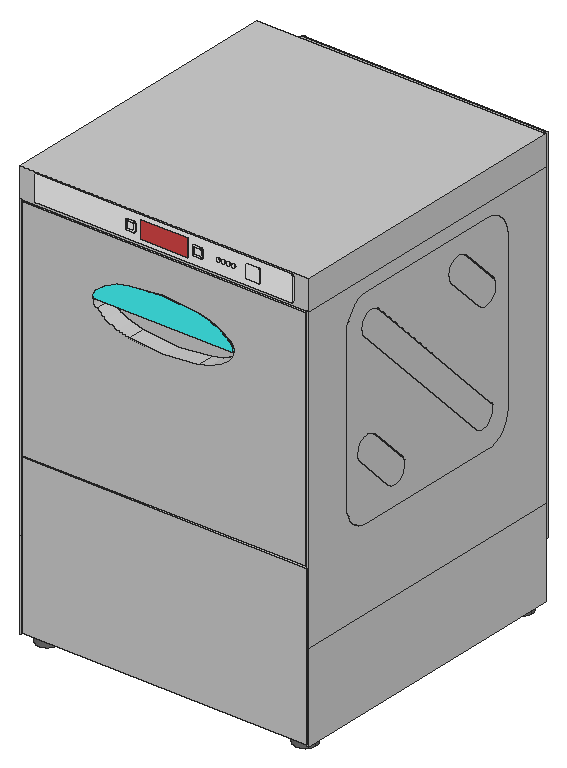
Revit family "QF_COMENDA_CE46", category Attrezzature speciali, Revit 2019
Family settings
  Quota connettore circolare = Usa diametro
  Tipo di parte = Normale
  Numero OmniClass = 23.40.40.14
  Titolo OmniClass = Food Service Equipment
  Basato su piano di lavoro = No
  Sempre verticale = Sì
  Taglio con vuoti quando caricato = No
  Condiviso = No
  Punto di calcolo locali = No
Parameters (values of type "H56402")
  URL catalogo = "https://www.hoonved.com/site/assets/files/1115/39210_ce_ita_eng_low_09-2019.pdf"
  URL = "https://www.hoonved.com/"
  Tensione = 230 V
  Temperatura raccomandata per acqua fredda = 15 °C
  Show Logo [instance] = yes
  Show Clearance [instance] = yes
  Protezione contro le sovracorrenti = 16 A
  Profondità = 521 mm
  Potenza elettrica = 3060 W
  Pessione minima acqua fredda = 20000.0 Pa
  Peso netto = 37.00 kg
  Numero dei poli = 1
  Modello = "CE46D"
  Produttore = "HOONVED"
  Lunghezza = 460 mm
  Frequenza = 50 Hz
  Fase = 1
  Diametro dello scarico diretto di acqua = 1 3/8"
  Diametro condotta acqua fredda = 3/4"
  Descrizione = "SINGLE-PHASE GLASSWASHER WITH WATER SOFTENER"
  Corrente di funzionamento normale = 13.4 A
  Assembly Code = ""
  Altezza dello scarico diretto acqua da pavimento finito = 36 mm
  Altezza allacciamento elettrico da pavimento finito = 47 mm
  Altezza allacciamento acqua fredda da pavimento finito = 36 mm
  Altezza = 673 mm
Types (2, lengths in mm): name | Modello | Descrizione
  H56400 | "CE46" | "SINGLE-PHASE GLASSWASHER"
  H56402 | "CE46D" | "SINGLE-PHASE GLASSWASHER WITH WATER SOFTENER"
Reference planes
  plane 1 "Back": y = 0
  plane 2: z = 0
  plane 3 "Left": x = 0
  plane 4 "Right": x = 460
  plane 5 "Front": y = -521
  plane 6 "Top": z = 680
Forms (mm)
  Extrusion 1, solid
    sketch origin (-369.112, 109.335, 0) x (0, 1, 0) y (0, 0, 1)
      loop
        line (-154.335, 655.952) -> (-154.335, 663.556) -> (-157.335, 663.556) -> (-157.335, 55.556) -> (-154.335, 55.556) -> (-154.335, 64.038) -> (-111.121, 68.677)
        arc (-111.121, 68.677) -> (-109.847, 69.329) -> (-109.335, 70.665) r 2
        line (-109.335, 70.665) -> (-109.335, 648.412)
        arc (-109.335, 648.412) -> (-109.86, 649.763) -> (-111.16, 650.404) r 2
        line (-111.16, 650.404) -> (-127.335, 655.009) -> (-154.335, 655.952)
    from 404.112 to 794.112
  Extrusion 2, solid
    sketch origin (-369.112, 109.335, 7) x (0, 1, 0) y (0, 0, 1)
      loop
        line (-157.335, 626) -> (-157.335, 673) -> (-629.335, 673) -> (-629.335, 626) -> (-157.335, 626)
    from 369.112 to 829.112
  Extrusion 3, solid
    sketch origin (130.888, 109.335, 305) x (1, 0, 0) y (0, 1, 0)
      loop
        line (-130.888, -157.335) -> (-130.888, -629.335) -> (-127.888, -629.335) -> (-127.888, -599.335) -> (326.112, -599.335) -> (326.112, -629.335) -> (329.112, -629.335) -> (329.112, -157.335) -> (-130.888, -157.335)
    from -153 to 328
  Extrusion 4, solid
    sketch origin (-0.2, 109.335, 0) x (0, 1, 0) y (0, 0, 1)
      loop
        line (-273.335, 610.282) -> (-513.335, 610.282)
        arc (-513.335, 610.282) -> (-541.619, 598.567) -> (-553.335, 570.282) r 40
        line (-553.335, 570.282) -> (-553.335, 320.282)
        arc (-553.335, 320.282) -> (-541.619, 291.998) -> (-513.335, 280.282) r 40
        line (-513.335, 280.282) -> (-273.335, 280.282)
        arc (-273.335, 280.282) -> (-245.05, 291.998) -> (-233.335, 320.282) r 40
        line (-233.335, 320.282) -> (-233.335, 570.282)
        arc (-233.335, 570.282) -> (-245.05, 598.567) -> (-273.335, 610.282) r 40
      loop
        arc (-490.387, 576.445) -> (-504.337, 582.483) -> (-518.456, 576.853) r 19.8
        arc (-518.456, 576.853) -> (-524.626, 562.794) -> (-519.011, 548.504) r 20
        line (-519.011, 548.504) -> (-296.656, 318.426)
        arc (-296.656, 318.426) -> (-282.566, 312.326) -> (-268.304, 318.013) r 20
        arc (-268.304, 318.013) -> (-262.196, 331.932) -> (-267.754, 346.079) r 19.8
        line (-267.754, 346.079) -> (-490.387, 576.445)
      loop
        arc (-317.21, 576.951) -> (-331.16, 582.989) -> (-345.279, 577.36) r 19.8
        arc (-345.279, 577.36) -> (-351.449, 563.3) -> (-345.834, 549.01) r 20
        line (-345.834, 549.01) -> (-290.239, 491.484)
        arc (-290.239, 491.484) -> (-276.149, 485.385) -> (-261.887, 491.071) r 20
        arc (-261.887, 491.071) -> (-255.779, 504.99) -> (-261.338, 519.138) r 19.8
        line (-261.338, 519.138) -> (-317.21, 576.951)
      loop
        line (-527.455, 373.565) -> (-471.525, 315.806)
        arc (-471.525, 315.806) -> (-457.57, 309.782) -> (-443.456, 315.425) r 19.8
        arc (-443.456, 315.425) -> (-437.3, 329.491) -> (-442.929, 343.775) r 20
        line (-442.929, 343.775) -> (-498.58, 401.247)
        arc (-498.58, 401.247) -> (-512.676, 407.332) -> (-526.932, 401.632) r 20
        arc (-526.932, 401.632) -> (-533.027, 387.707) -> (-527.455, 373.565) r 19.8
    from 0 to 2
  Extrusion 5, solid
    sketch origin (460.2, 109.335, 0) x (0, 1, 0) y (0, 0, -1)
      loop
        arc (-273.335, -610.282) -> (-245.05, -598.567) -> (-233.335, -570.282) r 40
        line (-233.335, -570.282) -> (-233.335, -320.282)
        arc (-233.335, -320.282) -> (-245.05, -291.998) -> (-273.335, -280.282) r 40
        line (-273.335, -280.282) -> (-513.335, -280.282)
        arc (-513.335, -280.282) -> (-541.619, -291.998) -> (-553.335, -320.282) r 40
        line (-553.335, -320.282) -> (-553.335, -570.282)
        arc (-553.335, -570.282) -> (-541.619, -598.567) -> (-513.335, -610.282) r 40
        line (-513.335, -610.282) -> (-273.335, -610.282)
      loop
        line (-490.387, -576.445) -> (-267.754, -346.079)
        arc (-267.754, -346.079) -> (-262.196, -331.932) -> (-268.304, -318.013) r 19.8
        arc (-268.304, -318.013) -> (-282.566, -312.326) -> (-296.656, -318.426) r 20
        line (-296.656, -318.426) -> (-519.011, -548.504)
        arc (-519.011, -548.504) -> (-524.626, -562.794) -> (-518.456, -576.853) r 20
        arc (-518.456, -576.853) -> (-504.337, -582.483) -> (-490.387, -576.445) r 19.8
      loop
        line (-317.21, -576.951) -> (-261.338, -519.138)
        arc (-261.338, -519.138) -> (-255.779, -504.99) -> (-261.887, -491.071) r 19.8
        arc (-261.887, -491.071) -> (-276.149, -485.385) -> (-290.239, -491.484) r 20
        line (-290.239, -491.484) -> (-345.834, -549.01)
        arc (-345.834, -549.01) -> (-351.449, -563.3) -> (-345.279, -577.36) r 20
        arc (-345.279, -577.36) -> (-331.16, -582.989) -> (-317.21, -576.951) r 19.8
      loop
        arc (-527.455, -373.565) -> (-533.027, -387.707) -> (-526.932, -401.632) r 19.8
        arc (-526.932, -401.632) -> (-512.676, -407.332) -> (-498.58, -401.247) r 20
        line (-498.58, -401.247) -> (-442.929, -343.775)
        arc (-442.929, -343.775) -> (-437.3, -329.491) -> (-443.456, -315.425) r 20
        arc (-443.456, -315.425) -> (-457.57, -309.782) -> (-471.525, -315.806) r 19.8
        line (-471.525, -315.806) -> (-527.455, -373.565)
    from 0 to 2
  Extrusion 6, solid
    sketch origin (130.888, 109.335, 165) x (1, 0, 0) y (0, 1, 0)
      loop
        line (-130.888, -157.335) -> (-130.888, -629.335) -> (-127.888, -629.335) -> (-127.888, -599.335) -> (326.112, -599.335) -> (326.112, -629.335) -> (329.112, -629.335) -> (329.112, -157.335) -> (-130.888, -157.335)
    from -153 to -13
  Extrusion 7, solid
    sketch origin (-369.112, -490, 0) x (1, 0, 0) y (0, 0, 1)
      loop
        line (826.612, 264.445) -> (371.612, 264.445) -> (371.612, 13.94) -> (826.612, 13.94) -> (826.612, 264.445)
    from 0 to 30
  Extrusion 8, solid
    sketch origin (130.888, 109.335, 0) x (1, 0, 0) y (0, 0, 1)
      loop
        line (-125.888, 629.9) -> (-125.888, 267.9) -> (324.412, 267.9) -> (324.412, 629.9) -> (-125.888, 629.9)
      loop
        arc (-8.984, 519.287) -> (15.254, 503.384) -> (43.152, 495.507) r 95.269
        arc (43.152, 495.507) -> (98.012, 489.91) -> (152.873, 495.507) r 271.685
        arc (152.873, 495.507) -> (180.771, 503.384) -> (205.009, 519.287) r 95.269
        arc (205.009, 519.287) -> (210.195, 532.722) -> (205.009, 546.158) r 19.998
        arc (205.009, 546.158) -> (180.771, 562.06) -> (152.873, 569.937) r 95.269
        arc (152.873, 569.937) -> (98.012, 575.534) -> (43.152, 569.937) r 271.685
        arc (43.152, 569.937) -> (15.254, 562.06) -> (-8.984, 546.158) r 95.269
        arc (-8.984, 546.158) -> (-14.17, 532.722) -> (-8.984, 519.287) r 19.998
    from 599.335 to 629.335
  Extrusion 9, solid
    sketch origin (130.888, 80.317, 0) x (1, 0, 0) y (0, 0, 1)
      loop
        line (-14.17, 532.722) -> (210.195, 532.722)
        arc (210.195, 532.722) -> (208.853, 539.923) -> (205.009, 546.158) r 19.998
        arc (205.009, 546.158) -> (180.771, 562.06) -> (152.873, 569.937) r 95.269
        arc (152.873, 569.937) -> (98.012, 575.534) -> (43.152, 569.937) r 271.685
        arc (43.152, 569.937) -> (15.254, 562.06) -> (-8.984, 546.158) r 95.269
        arc (-8.984, 546.158) -> (-12.828, 539.923) -> (-14.17, 532.722) r 19.998
    from 599.335 to 601.3
  Extrusion 10, solid
    sketch origin (130.888, 109.335, 0) x (1, 0, 0) y (0, 0, 1)
      loop
        arc (-8.984, 519.287) -> (15.254, 503.384) -> (43.152, 495.507) r 95.269
        arc (43.152, 495.507) -> (98.012, 489.91) -> (152.873, 495.507) r 271.685
        arc (152.873, 495.507) -> (180.771, 503.384) -> (205.009, 519.287) r 95.269
        arc (205.009, 519.287) -> (210.195, 532.722) -> (205.009, 546.158) r 19.998
        arc (205.009, 546.158) -> (180.771, 562.06) -> (152.873, 569.937) r 95.269
        arc (152.873, 569.937) -> (98.012, 575.534) -> (43.152, 569.937) r 271.685
        arc (43.152, 569.937) -> (15.254, 562.06) -> (-8.984, 546.158) r 95.269
        arc (-8.984, 546.158) -> (-14.17, 532.722) -> (-8.984, 519.287) r 19.998
    from 599.335 to 601.3
  Extrusion 11, solid
    sketch origin (-369.112, -518.2, 7) x (1, 0, 0) y (0, 0, 1)
      loop
        line (393.38, 667.5) -> (393.38, 631.5)
        arc (393.38, 631.5) -> (394.181, 629.568) -> (396.112, 628.768) r 2.732
        line (396.112, 628.768) -> (802.112, 628.768)
        arc (802.112, 628.768) -> (804.044, 629.568) -> (804.844, 631.5) r 2.732
        line (804.844, 631.5) -> (804.844, 667.5)
        arc (804.844, 667.5) -> (804.044, 669.432) -> (802.112, 670.232) r 2.732
        line (802.112, 670.232) -> (396.112, 670.232)
        arc (396.112, 670.232) -> (394.181, 669.432) -> (393.38, 667.5) r 2.732
    from 0 to 2
  Extrusion 12, solid
    sketch origin (-369.112, -518.4, -28) x (1, 0, 0) y (0, 0, 1)
      loop
        line (561.612, 670.5) -> (636.612, 670.5) -> (636.612, 698.556) -> (561.612, 698.556) -> (561.612, 670.5)
    from 0 to 2
  Extrusion 13, solid
    sketch origin (-376.934, -518.4, -77.384) x (1, 0, 0) y (0, 0, 1)
      loop
        arc (739.934, 744.884) -> (738.52, 744.299) -> (737.934, 742.884) r 2
        line (737.934, 742.884) -> (737.934, 724.884)
        arc (737.934, 724.884) -> (738.52, 723.47) -> (739.934, 722.884) r 2
        line (739.934, 722.884) -> (757.934, 722.884)
        arc (757.934, 722.884) -> (759.348, 723.47) -> (759.934, 724.884) r 2
        line (759.934, 724.884) -> (759.934, 742.884)
        arc (759.934, 742.884) -> (759.348, 744.299) -> (757.934, 744.884) r 2
        line (757.934, 744.884) -> (739.934, 744.884)
      loop
        line (558.434, 741.884) -> (548.434, 741.884)
        arc (548.434, 741.884) -> (546.313, 741.006) -> (545.434, 738.884) r 3
        line (545.434, 738.884) -> (545.434, 728.884)
        arc (545.434, 728.884) -> (546.313, 726.763) -> (548.434, 725.884) r 3
        line (548.434, 725.884) -> (558.434, 725.884)
        arc (558.434, 725.884) -> (560.555, 726.763) -> (561.434, 728.884) r 3
        line (561.434, 728.884) -> (561.434, 738.884)
        arc (561.434, 738.884) -> (560.555, 741.006) -> (558.434, 741.884) r 3
      loop
        line (665.442, 741.884) -> (655.442, 741.884)
        arc (655.442, 741.884) -> (653.321, 741.006) -> (652.442, 738.884) r 3
        line (652.442, 738.884) -> (652.442, 728.884)
        arc (652.442, 728.884) -> (653.321, 726.763) -> (655.442, 725.884) r 3
        line (655.442, 725.884) -> (665.442, 725.884)
        arc (665.442, 725.884) -> (667.563, 726.763) -> (668.442, 728.884) r 3
        line (668.442, 728.884) -> (668.442, 738.884)
        arc (668.442, 738.884) -> (667.563, 741.006) -> (665.442, 741.884) r 3
      loop
        circle (693.434, 733.884) r 3.1
      loop
        circle (701.434, 733.884) r 3.1
      loop
        circle (709.434, 733.884) r 3.1
      loop
        circle (717.434, 733.884) r 3.1
      loop
        arc (548.434, 739.884) -> (547.727, 739.592) -> (547.434, 738.884) r 1
        line (547.434, 738.884) -> (547.434, 728.884)
        arc (547.434, 728.884) -> (547.727, 728.177) -> (548.434, 727.884) r 1
        line (548.434, 727.884) -> (558.434, 727.884)
        arc (558.434, 727.884) -> (559.141, 728.177) -> (559.434, 728.884) r 1
        line (559.434, 728.884) -> (559.434, 738.884)
        arc (559.434, 738.884) -> (559.141, 739.592) -> (558.434, 739.884) r 1
        line (558.434, 739.884) -> (548.434, 739.884)
      loop
        arc (655.442, 739.884) -> (654.735, 739.592) -> (654.442, 738.884) r 1
        line (654.442, 738.884) -> (654.442, 728.884)
        arc (654.442, 728.884) -> (654.735, 728.177) -> (655.442, 727.884) r 1
        line (655.442, 727.884) -> (665.442, 727.884)
        arc (665.442, 727.884) -> (666.149, 728.177) -> (666.442, 728.884) r 1
        line (666.442, 728.884) -> (666.442, 738.884)
        arc (666.442, 738.884) -> (666.149, 739.592) -> (665.442, 739.884) r 1
        line (665.442, 739.884) -> (655.442, 739.884)
    from 0 to 2
  Extrusion 14, solid
    sketch origin (-344.112, 91.835, 0) x (1, 0, 0) y (0, 1, 0)
      loop
        circle (369.112, -157.335) r 17.5
      loop
        circle (369.112, -587.335) r 17.5
      loop
        circle (779.112, -157.335) r 17.5
      loop
        circle (779.112, -587.335) r 17.5
    from 0 to 12
  Extrusion 15, solid, visible <- "Show Clearance", detail levels coarse
    sketch origin (-369.112, 109.335, 0) x (0, 1, 0) y (0, 0, 1)
      loop
        line (-629.335, 267.9) -> (-629.335, 629.9)
        arc (-629.335, 629.9) -> (-885.307, 523.873) -> (-991.335, 267.9) r 362
        line (-991.335, 267.9) -> (-629.335, 267.9)
    from 374.112 to 824.412
  Extrusion 16, solid
    sketch origin (-339.112, -47.8, 35) x (1, 0, 0) y (0, 0, 1)
      loop
        circle (369.112, 12) r 15
    from 0 to 2
  Extrusion 17, solid
    sketch origin (-139.112, -47.8, 24) x (1, 0, 0) y (0, 0, 1)
      loop
        circle (369.112, 12) r 19
    from 0 to 2
  Extrusion 18, solid
    sketch origin (-84.112, -47.8, 24) x (1, 0, 0) y (0, 0, 1)
      loop
        circle (369.112, 12) r 19
    from 0 to 2
Lines and regions (mm)
  symbolic lines, style "200-EquipBorder-2D"
    curve 1: line (460, -48, 0) -> (0, -48, 0)
    curve 2: line (35, 0, 0) -> (35, -48, 0)
    curve 3: line (425, 0, 0) -> (35, 0, 0)
    curve 4: line (425, -48, 0) -> (425, 0, 0)
    curve 5: line (460, -520, 0) -> (460, -48, 0)
    curve 6: line (0, -48, 0) -> (0, -520, 0)
    curve 7: line (0, -520, 0) -> (460, -520, 0)
  symbolic lines, style "QF_Door-Drawer Clearances", visible <- "Show Clearance"
    curve 8: line (5, -520, 0) -> (5, -882, 0)
    curve 9: line (455.3, -882, 0) -> (5, -882, 0)
    curve 10: line (455.3, -882, 0) -> (455.3, -520, 0)
Dimensions and locks
  plane 3 "Left" to plane 4 "Right" = 460 mm
  plane 5 "Front" to plane 1 "Back" = 521 mm
  plane 6 "Top" to level = 680 mm
  aligned and locked: level to plane 2
Connectors
  electrical at (30, -47.8, 47)
    settings: on Extrusion 16, index 1, voltage 0 V, apparent load 0 VA, apparent load phase1 0 VA, apparent load phase2 0 VA, apparent load phase3 0 VA, power factor 1, load classification "Other", number of poles 1, system type 31, power factor state 1, is connector primary yes, connector utility no, sub classification motor no, connector description "electrical connection"
  piping at (230, -47.8, 36), diameter 19
    settings: on Extrusion 17, index 2, connector inside diameter 24", connector length 0 mm, flow factor 0, pipe flow 0.0 L/s, pressure drop 0.0 Pa, fitting loss kfactor 0, connector angle 0.00°, fixture units 0, engagement length 0 mm, angle of deflection 0.00°, flow configuration 1, flow direction 2, fitting loss method 0, system type 16, joint type 0, gender type 0, connector reference index -1, connector utility 0, adjustable connector no, is connector primary yes, connector description "drain connection"
  piping at (285, -47.8, 36), diameter 19
    settings: on Extrusion 18, index 3, connector inside diameter 24", connector length 0 mm, flow factor 0, pipe flow 0.0 L/s, pressure drop 0.0 Pa, fitting loss kfactor 0, connector angle 0.00°, fixture units 0, engagement length 0 mm, angle of deflection 0.00°, flow configuration 1, flow direction 1, fitting loss method 0, system type 20, joint type 0, gender type 0, connector reference index -1, connector utility 0, adjustable connector no, is connector primary no, connector description "water inlet"
